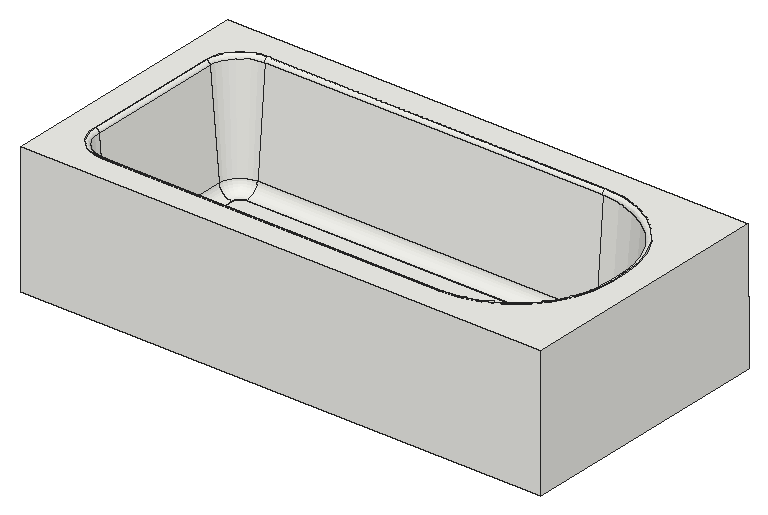
Revit family
Parameters (values of type "1525x 762mm")
  깊이 = 762.00 mm
  높이 = 380.00 mm
  욕조 재료 = 자기 - 아이보리색
  폭 = 1525.00 mm
Reference planes
  plane 1: y = 0
  plane 2: y = 76.2
  plane 3: y = 838.2
  plane 4: x = -1110.603
  plane 5: x = 414.397
  plane 6: y = 457.2
  plane 7: x = -348.103
  plane 8: z = 380
  plane 9: z = 360.95
Forms (mm)
  Sweep 1, solid, material "자기 - 아이보리색" <- "욕조 재료"
    path origin (0, 0, 380) x (0, 1, 0) y (-1, 0, 0)
      loop
        line (762, -58.797) -> (762, 932.803)
        arc (762, 932.803) -> (732.242, 1004.645) -> (660.4, 1034.403) r 101.6
        line (660.4, 1034.403) -> (254, 1034.403)
        arc (254, 1034.403) -> (182.158, 1004.645) -> (152.4, 932.803) r 101.6
        line (152.4, 932.803) -> (152.4, -58.797)
        arc (152.4, -58.797) -> (234.234, -256.363) -> (431.8, -338.197) r 279.4
        line (431.8, -338.197) -> (482.6, -338.197)
        arc (482.6, -338.197) -> (680.166, -256.363) -> (762, -58.797) r 279.4
    profile origin (-437.003, 0, 380) x (0, -1, 0) y (0, 0, 1)
      loop
        line (-762, 0) -> (-762, -364.136) -> (-685.396, -364.136) -> (-685.396, -345.086)
        arc (-685.396, -345.086) -> (-711.136, -335.077) -> (-723.351, -310.307) r 38.1
        line (-723.351, -310.307) -> (-749.522, -11.177)
        arc (-749.522, -11.177) -> (-753.624, -3.203) -> (-762, 0) r 12.554
  Extrusion 2, solid, material "자기 - 아이보리색" <- "욕조 재료"
    sketch origin (58.797, 431.8, 15.864) x (0, -1, 0) y (1, 0, 0)
      loop
        arc (-253.596, -991.6) -> (-246.275, -1009.275) -> (-228.6, -1016.596) r 24.996
        line (-228.6, -1016.596) -> (177.8, -1016.596)
        arc (177.8, -1016.596) -> (195.475, -1009.275) -> (202.796, -991.6) r 24.996
        line (202.796, -991.6) -> (202.796, 0)
        arc (202.796, 0) -> (143.399, 143.399) -> (0, 202.796) r 202.796
        line (0, 202.796) -> (-50.8, 202.796)
        arc (-50.8, 202.796) -> (-194.199, 143.399) -> (-253.596, 0) r 202.796
        line (-253.596, 0) -> (-253.596, -991.6)
      loop
        circle (-25.4, -972.394) r 22.225
    from 0 to 19.05
  Extrusion 3, solid, material "자기 - 아이보리색" <- "욕조 재료"
    sketch origin (0, 0, 0) x (1, 0, 0) y (0, 1, 0)
      loop
        line (-1110.603, 838.2) -> (-1110.603, 76.2) -> (414.397, 76.2) -> (414.397, 838.2) -> (-1110.603, 838.2)
      loop
        line (-1091.553, 819.15) -> (-1091.553, 95.25) -> (395.347, 95.25) -> (395.347, 819.15) -> (-1091.553, 819.15)
    from 0 to 360.95
  Extrusion 4, solid, material "자기 - 아이보리색" <- "욕조 재료"
    sketch origin (0, 0, 380) x (0, 1, 0) y (-1, 0, 0)
      loop
        line (838.2, 1110.603) -> (76.2, 1110.603) -> (76.2, -414.397) -> (838.2, -414.397) -> (838.2, 1110.603)
      loop
        line (762, -58.797) -> (762, 932.803)
        arc (762, 932.803) -> (732.242, 1004.645) -> (660.4, 1034.403) r 101.6
        line (660.4, 1034.403) -> (254, 1034.403)
        arc (254, 1034.403) -> (182.158, 1004.645) -> (152.4, 932.803) r 101.6
        line (152.4, 932.803) -> (152.4, -58.797)
        arc (152.4, -58.797) -> (234.234, -256.363) -> (431.8, -338.197) r 279.4
        line (431.8, -338.197) -> (482.6, -338.197)
        arc (482.6, -338.197) -> (680.166, -256.363) -> (762, -58.797) r 279.4
    from 0 to -19.05
Cuts and joins
  joined: Extrusion 3, Extrusion 4
Lines and regions (mm)
  Masking region 1
    outline origin (0, 0, 0) x (1, 0, 0) y (0, 1, 0)
      loop
        line (-1110.603, 838.2) -> (-1110.603, 76.2) -> (414.397, 76.2) -> (414.397, 838.2) -> (-1110.603, 838.2)
  symbolic lines
    curve 1: line (-932.803, 152.4, 0) -> (58.797, 152.4, 0)
    curve 2: line (-1034.403, 660.4, 0) -> (-1034.403, 254, 0)
    curve 3: line (58.797, 762, 0) -> (-932.803, 762, 0)
    curve 4: line (338.197, 431.8, 0) -> (338.197, 482.6, 0)
    curve 5: arc (-932.803, 762, 0) -> (-1004.645, 732.242, 0) -> (-1034.403, 660.4, 0) r 101.6
    curve 6: arc (-1034.403, 254, 0) -> (-1004.645, 182.158, 0) -> (-932.803, 152.4, 0) r 101.6
    curve 7: arc (58.797, 762, 0) -> (256.363, 680.166, 0) -> (338.197, 482.6, 0) r 279.4
    curve 8: arc (338.197, 431.8, 0) -> (256.363, 234.234, 0) -> (58.797, 152.4, 0) r 279.4
    curve 9: arc (-913.597, 479.425, 0) -> (-891.372, 457.2, 0) -> (-913.597, 434.975, 0) r 22.225
    curve 10: arc (-913.597, 434.975, 0) -> (-935.822, 457.2, 0) -> (-913.597, 479.425, 0) r 22.225
Text (mm)
  text "내부" at (0, 975.983, 732.49), in view "오른쪽"
  text "내부" at (0, 649.11, 765.354), in view "왼쪽"
Dimensions and locks
  equal spacing: plane 4, plane 7, plane 5
  "폭": plane 4 to plane 5
  equal spacing: plane 2, plane 6, plane 3
  "깊이": plane 2 to plane 3
  "높이": host wall to plane 8
  locked: plane 9 to plane 8 at 19.05
  aligned and locked: plane 2 to host wall
  aligned and locked: Sweep 1 sketch curve to Extrusion 4  (x2)
  aligned and locked: Extrusion 2 sketch curve to Sweep 1  (x2)
  aligned and locked: Sweep 1 to Extrusion 4
  aligned and locked: Extrusion 3 to plane 9
  aligned and locked: plane 3 to Masking region 1 sketch curve
  aligned and locked: plane 4 to Masking region 1 sketch curve
  aligned and locked: Masking region 1 sketch curve to plane 5
  aligned and locked: Masking region 1 sketch curve to plane 2
Automatic sketch dimensions
  Sweep 1 sketch curve to plane 8 = 0.00 mm
  Sweep 1 sketch curve to profile plane = 0.00 mm
  plane 8 to Sweep 1 sketch curve = 11.177 mm
  Sweep 1 sketch curve to profile plane = 12.478 mm
  Sweep 1 sketch curve to profile plane = 38.649 mm
  Sweep 1 sketch curve to Sweep 1 sketch curve = 37.955 mm
  Sweep 1 sketch curve to Sweep 1 sketch curve = 295.81 mm
  Sweep 1 sketch curve to Sweep 1 sketch curve = 3.321 mm
  Sweep 1 sketch curve to Sweep 1 sketch curve = 19.05 mm
  Extrusion 3 sketch curve to plane 3 = 0.00 mm
  Extrusion 3 sketch curve to plane 4 = 0.00 mm
  Extrusion 3 sketch curve to plane 2 = 0.00 mm
  Extrusion 3 sketch curve to plane 5 = 0.00 mm
  plane 4 to Extrusion 3 sketch curve = 19.05 mm
  Extrusion 3 sketch curve to Extrusion 3 sketch curve = 19.05 mm
  Extrusion 3 sketch curve to plane 2 = 19.05 mm
  plane 3 to Extrusion 3 sketch curve = 19.05 mm
  Extrusion 4 sketch curve to plane 2 = 0.00 mm
  Extrusion 4 sketch curve to plane 3 = 0.00 mm
  Extrusion 4 sketch curve to plane 2 = 76.20 mm
  plane 4 to Extrusion 4 sketch curve = 76.20 mm
  Extrusion 4 sketch curve to Extrusion 4 sketch curve = 101.60 mm
  plane 6 to Extrusion 4 sketch curve = 25.40 mm
  Extrusion 4 sketch curve to plane 6 = 25.40 mm
  Extrusion 4 sketch curve to Extrusion 4 sketch curve = 177.80 mm
  plane 3 to Extrusion 4 sketch curve = 76.20 mm
  Extrusion 4 sketch curve to plane 5 = 0.00 mm
  Extrusion 4 sketch curve to plane 4 = 0.00 mm
  Extrusion 4 sketch curve to plane 5 = 76.20 mm
  Sweep 1 sketch curve to Sweep 1 sketch curve = 101.60 mm
  plane 6 to Sweep 1 sketch curve = 25.40 mm
  Sweep 1 sketch curve to plane 6 = 25.40 mm
  plane 3 to Sweep 1 sketch curve = 177.80 mm
  plane 3 to Sweep 1 sketch curve = 76.20 mm
  plane 4 to Sweep 1 sketch curve = 177.80 mm
  Extrusion 2 sketch curve to plane 6 = 0.00 mm
  Extrusion 2 sketch curve to Extrusion 2 sketch curve = 22.225 mm
  Extrusion 2 sketch curve to plane 6 = 25.40 mm
  plane 3 to Extrusion 2 sketch curve = 177.80 mm
  plane 3 to Extrusion 2 sketch curve = 152.804 mm
  plane 6 to Extrusion 2 sketch curve = 25.40 mm
  Extrusion 2 sketch curve to Extrusion 2 sketch curve = 24.996 mm
  plane 4 to Extrusion 2 sketch curve = 197.006 mm
  plane 4 to Extrusion 2 sketch curve = 177.80 mm
  curve 10 to plane 6 = 0.00 mm
  plane 4 to curve 2 = 76.20 mm
  host wall to curve 1 = 76.20 mm
  curve 6 to curve 1 = 101.60 mm
  plane 3 to curve 5 = 76.20 mm
  curve 2 to curve 5 = 101.60 mm
  plane 6 to curve 10 = 22.225 mm
  curve 6 to curve 10 = 19.206 mm
  curve 3 to plane 5 = 355.60 mm
  curve 1 to curve 7 = 0.00 mm
  plane 6 to curve 8 = 25.40 mm
